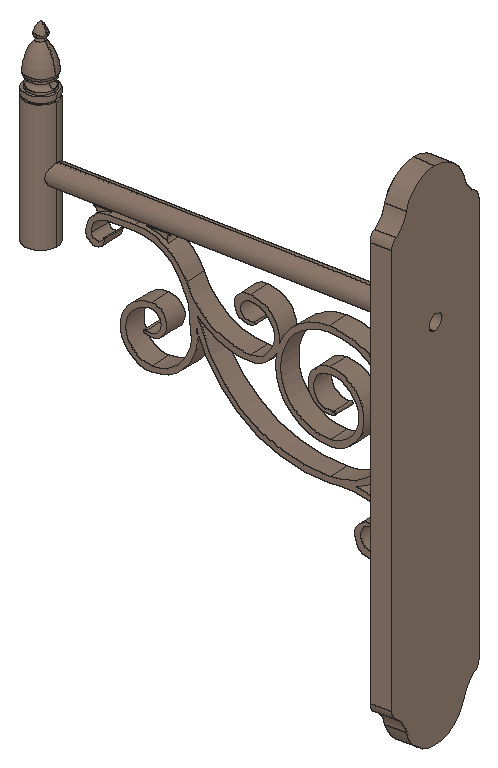
Revit family "WM532", category Generic Models, Revit 2014
Parameters
  WELDS = Bronze, Architectural
  SCROLL = Bronze, Architectural
  ARM = Bronze, Architectural
Reference planes (in)
  plane 1 "Center (Front/Back)": y = 0
  plane 2: z = 0
  plane 3 "Center (Left/Right)": x = 0
Forms (in)
  Revolve 1, solid, material "Bronze, Architectural" <- "ARM"
    sketch origin (0, 0, 0) x (1, 0, 0) y (0, 0, 1)
      loop
        arc (-18.52223, 37.51761) -> (-18.51122, 37.44031) -> (-18.44988, 37.39201) r 0.10496
        arc (-18.44988, 37.39201) -> (-18.38953, 37.30245) -> (-18.44988, 37.21289) r 0.09662
        arc (-18.44988, 37.21289) -> (-18.80335, 36.62099) -> (-18.9382, 35.94489) r 2.0288
        arc (-18.9382, 35.94489) -> (-18.9221, 35.88017) -> (-18.875, 35.83294) r 0.125
        line (-18.875, 35.83294) -> (-18.875, 35.72767) -> (-18.82794, 35.72767)
        arc (-18.82794, 35.72767) -> (-18.64044, 35.54017) -> (-18.82794, 35.35267) r 0.1875
        line (-18.82794, 35.35267) -> (-18.875, 35.35267) -> (-18.875, 35.26371) -> (-19, 35.26371) -> (-19, 35.01371) -> (-18.875, 35.01371) -> (-18.875, 34.90971) -> (-19, 34.90971) -> (-19, 28.90971) -> (-18.25, 28.90971) -> (-18.25, 38.01371)
        arc (-18.25, 38.01371) -> (-18.41883, 37.78361) -> (-18.52223, 37.51761) r 1.09115
      axis (-18.25, 28.90971) -> (-18.25, 38.01371)
    angle from 0 to 360
  Revolve 2, solid, material "Bronze, Architectural" <- "ARM"
    sketch origin (0, 0, 0) x (1, 0, 0) y (0, 0, 1)
      loop
        line (-1.25, 31.90971) -> (-1.25, 32.40971) -> (-17.69098, 32.40971) -> (-17.69098, 31.90971) -> (-1.25, 31.90971)
      axis (-1.25, 31.90971) -> (-17.69098, 31.90971)
    angle from 0 to 360
  Extrusion 3, solid, material "Bronze, Architectural" <- "ARM"
    sketch origin (-1.25, -7.30004, 0) x (0, 1, 0) y (0, 0, 1)
      loop
        arc (9.5502, 36.39455) -> (9.16286, 36.74474) -> (8.95305, 37.2229) r 1.24593
        arc (8.95305, 37.2229) -> (8.31751, 38.08228) -> (7.30004, 38.40971) r 1.74458
        arc (7.30004, 38.40971) -> (6.28258, 38.08228) -> (5.64703, 37.2229) r 1.74458
        arc (5.64703, 37.2229) -> (5.43722, 36.74474) -> (5.04989, 36.39455) r 1.24593
        arc (5.04989, 36.39455) -> (4.86699, 36.21155) -> (4.80004, 35.96163) r 0.5
        line (4.80004, 35.96163) -> (4.80004, 16.85779)
        arc (4.80004, 16.85779) -> (4.86699, 16.60787) -> (5.04989, 16.42487) r 0.5
        arc (5.04989, 16.42487) -> (5.43722, 16.07468) -> (5.64703, 15.59652) r 1.24593
        arc (5.64703, 15.59652) -> (6.28258, 14.73714) -> (7.30004, 14.40971) r 1.74458
        arc (7.30004, 14.40971) -> (8.31751, 14.73714) -> (8.95305, 15.59652) r 1.74458
        arc (8.95305, 15.59652) -> (9.16286, 16.07468) -> (9.5502, 16.42487) r 1.24593
        arc (9.5502, 16.42487) -> (9.7331, 16.60787) -> (9.80004, 16.85779) r 0.5
        line (9.80004, 16.85779) -> (9.80004, 35.96163)
        arc (9.80004, 35.96163) -> (9.7331, 36.21155) -> (9.5502, 36.39455) r 0.5
    from 0.25 to 1.25
  Extrusion 4, solid, material "Bronze, Architectural" <- "ARM"
    sketch origin (-1.25, -7.30004, 0) x (0, 1, 0) y (0, 0, 1)
      loop
        arc (8.59114, 37.1221) -> (8.09058, 37.78352) -> (7.30004, 38.03471) r 1.36958
        arc (7.30004, 38.03471) -> (6.50951, 37.78352) -> (6.00895, 37.1221) r 1.36958
        arc (6.00895, 37.1221) -> (5.7683, 36.5639) -> (5.33896, 36.1336) r 1.62093
        arc (5.33896, 36.1336) -> (5.21854, 35.99896) -> (5.17504, 35.82365) r 0.375
        line (5.17504, 35.82365) -> (5.17504, 16.99577)
        arc (5.17504, 16.99577) -> (5.21854, 16.82046) -> (5.33896, 16.68582) r 0.375
        arc (5.33896, 16.68582) -> (5.7683, 16.25552) -> (6.00895, 15.69732) r 1.62093
        arc (6.00895, 15.69732) -> (6.50951, 15.0359) -> (7.30004, 14.78471) r 1.36958
        arc (7.30004, 14.78471) -> (8.09058, 15.0359) -> (8.59114, 15.69732) r 1.36958
        arc (8.59114, 15.69732) -> (8.83179, 16.25552) -> (9.26113, 16.68582) r 1.62093
        arc (9.26113, 16.68582) -> (9.38154, 16.82046) -> (9.42504, 16.99577) r 0.375
        line (9.42504, 16.99577) -> (9.42504, 35.82365)
        arc (9.42504, 35.82365) -> (9.38154, 35.99896) -> (9.26113, 36.1336) r 0.375
        arc (9.26113, 36.1336) -> (8.83179, 36.5639) -> (8.59114, 37.1221) r 1.62093
    from 0 to 0.25
  Extrusion 5, solid, material "Bronze, Architectural" <- "SCROLL"
    sketch origin (0, 0, 0) x (1, 0, 0) y (0, 0, 1)
      loop
        arc (-2.5, 21.40971) -> (-1.29696, 22.32031) -> (-1.84671, 23.72541) r 1.25
        arc (-1.84671, 23.72541) -> (-2.53228, 24.02223) -> (-3.26794, 24.15229) r 3.2054
        arc (-3.26794, 24.15229) -> (-1.31122, 27.78756) -> (-4.5, 30.40971) r 3.25
        arc (-4.5, 30.40971) -> (-5.87912, 29.99156) -> (-6.7938, 28.87793) r 2.48334
        arc (-6.7938, 28.87793) -> (-7.1344, 29.94388) -> (-8.15594, 30.40069) r 1.37061
        arc (-8.15594, 30.40069) -> (-8.8676, 29.65025) -> (-7.90307, 29.277) r 0.62256
        arc (-7.90307, 29.277) -> (-7.89718, 29.32453) -> (-7.94386, 29.33524) r 0.03574
        arc (-7.94386, 29.33524) -> (-8.57689, 29.6045) -> (-8.15867, 30.15069) r 0.43531
        arc (-8.15867, 30.15069) -> (-7.03806, 29.03008) -> (-8.15867, 27.90947) r 1.12061
        arc (-8.15867, 27.90947) -> (-9.9289, 28.47242) -> (-11.11485, 29.90215) r 3.30101
        arc (-11.11485, 29.90215) -> (-12.06866, 31.03369) -> (-13.5, 31.40971) r 2.45043
        line (-13.5, 31.40971) -> (-14.75, 31.40971)
        arc (-14.75, 31.40971) -> (-15.45711, 31.11682) -> (-15.75, 30.40971) r 1
        arc (-15.75, 30.40971) -> (-15.34248, 29.91974) -> (-14.87585, 30.35378) r 0.43864
        arc (-14.87585, 30.35378) -> (-14.89505, 30.37901) -> (-14.92428, 30.36672) r 0.02589
        arc (-14.92428, 30.36672) -> (-15.23406, 30.15032) -> (-15.5, 30.41877) r 0.29331
        arc (-15.5, 30.41877) -> (-15.28299, 30.94269) -> (-14.75907, 31.15971) r 0.74093
        line (-14.75907, 31.15971) -> (-13.4936, 31.15971)
        arc (-13.4936, 31.15971) -> (-12.18319, 30.81019) -> (-11.32662, 29.75871) r 2.20043
        line (-11.32662, 29.75871) -> (-11.02411, 29.03821) -> (-10.89069, 27.94347)
        arc (-10.89069, 27.94347) -> (-11.33173, 26.48682) -> (-12.71792, 25.85845) r 1.84316
        arc (-12.71792, 25.85845) -> (-13.90213, 27.04267) -> (-12.71792, 28.22689) r 1.18422
        arc (-12.71792, 28.22689) -> (-12.29254, 27.56748) -> (-12.99992, 27.2278) r 0.52316
        arc (-12.99992, 27.2278) -> (-13.08484, 27.20774) -> (-13.05378, 27.12619) r 0.05801
        arc (-13.05378, 27.12619) -> (-12.022, 27.58673) -> (-12.71792, 28.47689) r 0.71711
        arc (-12.71792, 28.47689) -> (-14.15213, 27.04267) -> (-12.71792, 25.60845) r 1.43422
        arc (-12.71792, 25.60845) -> (-11.09493, 26.3848) -> (-10.64098, 28.1257) r 2.13566
        arc (-10.64098, 28.1257) -> (-8.27539, 24.99096) -> (-4.5, 23.90971) r 6.19173
        arc (-4.5, 23.90971) -> (-4.24759, 23.91953) -> (-3.9967, 23.94892) r 3.25
        arc (-3.9967, 23.94892) -> (-2.95692, 23.87703) -> (-1.97998, 23.51386) r 3.64551
        arc (-1.97998, 23.51386) -> (-1.53715, 22.38966) -> (-2.5, 21.65971) r 1
        arc (-2.5, 21.65971) -> (-3.02429, 22.35818) -> (-2.24583, 22.75408) r 0.5703
        arc (-2.24583, 22.75408) -> (-2.19749, 22.76658) -> (-2.21382, 22.81377) r 0.03398
        arc (-2.21382, 22.81377) -> (-3.30017, 22.304) -> (-2.5, 21.40971) r 0.74795
      loop
        arc (-4.28244, 26.77063) -> (-5.46168, 27.6033) -> (-4.5, 28.67993) r 0.96713
        arc (-4.5, 28.67993) -> (-2.88155, 27.06147) -> (-4.5, 25.44302) r 1.61845
        arc (-4.5, 25.44302) -> (-6.41713, 26.34788) -> (-6.93716, 28.40306) r 2.48334
        arc (-6.93716, 28.40306) -> (-7.44126, 27.86054) -> (-8.154, 27.65947) r 1.37061
        arc (-8.154, 27.65947) -> (-9.16753, 27.80936) -> (-10.07151, 28.29155) r 3.00015
        line (-10.07151, 28.29155) -> (-10.58157, 28.62997) -> (-10.41048, 28.22248)
        arc (-10.41048, 28.22248) -> (-8.13707, 25.19917) -> (-4.5, 24.15971) r 5.94383
        arc (-4.5, 24.15971) -> (-1.5, 27.15971) -> (-4.5, 30.15971) r 3
        arc (-4.5, 30.15971) -> (-6.73334, 27.92636) -> (-4.5, 25.69302) r 2.23334
        arc (-4.5, 25.69302) -> (-3.13155, 27.06147) -> (-4.5, 28.42993) r 1.36845
        arc (-4.5, 28.42993) -> (-5.21454, 27.58318) -> (-4.33413, 26.91057) r 0.76509
        arc (-4.33413, 26.91057) -> (-4.22888, 26.86992) -> (-4.28244, 26.77063) r 0.07519
    from -0.5 to 0.5
  Extrusion 6, solid, material "Bronze, Architectural" <- "WELDS"
    sketch origin (0, 0, 0) x (1, 0, 0) y (0, 0, 1)
      loop
        arc (-1.25, 28.58326) -> (-1.40365, 28.47339) -> (-1.56921, 28.56434) r 0.17736
        arc (-1.56921, 28.56434) -> (-1.36117, 28.00248) -> (-1.25981, 27.41199) r 3.25
        line (-1.25981, 27.41199) -> (-1.25, 27.36105) -> (-1.25, 28.58326)
      loop
        line (-1.25, 25.73615) -> (-1.25, 26.95837) -> (-1.25981, 26.90743)
        arc (-1.25981, 26.90743) -> (-1.36117, 26.31693) -> (-1.56921, 25.75508) r 3.25
        arc (-1.56921, 25.75508) -> (-1.40365, 25.84603) -> (-1.25, 25.73615) r 0.17736
      loop
        arc (-1.25, 23.44645) -> (-1.36183, 23.36383) -> (-1.49517, 23.40322) r 0.15603
        arc (-1.49517, 23.40322) -> (-1.31287, 23.05115) -> (-1.25, 22.65971) r 1.25
        line (-1.25, 22.65971) -> (-1.25, 23.44645)
      loop
        line (-1.25, 21.87296) -> (-1.25, 22.65971)
        arc (-1.25, 22.65971) -> (-1.31287, 22.26826) -> (-1.49517, 21.91619) r 1.25
        arc (-1.49517, 21.91619) -> (-1.36183, 21.95559) -> (-1.25, 21.87296) r 0.15603
      loop
        arc (-12.01916, 31.40971) -> (-12.5714, 31.40827) -> (-13.12358, 31.39952) r 41.70274
        arc (-13.12358, 31.39952) -> (-12.60692, 31.28831) -> (-12.12613, 31.06891) r 2.45043
        arc (-12.12613, 31.06891) -> (-12.18328, 31.27404) -> (-12.01916, 31.40971) r 0.19551
      loop
        arc (-15.61873, 31.40936) -> (-15.46728, 31.31085) -> (-15.44156, 31.13203) r 0.21878
        arc (-15.44156, 31.13203) -> (-15.13483, 31.3327) -> (-14.7764, 31.40936) r 1
        line (-14.7764, 31.40936) -> (-15.61873, 31.40936)
    from -0.25 to 0.25
  Revolve 7, void
    sketch origin (0, 0, 0) x (1, 0, 0) y (0, 0, 1)
      loop
        line (-18.75, 28.90971) -> (-18.25, 28.90971) -> (-18.25, 34.81173) -> (-18.75, 34.81173) -> (-18.75, 28.90971)
      axis (-18.25, 28.90971) -> (-18.25, 34.81173)
    angle from 0 to 360
  Revolve 8, void
    sketch origin (0, 0, 0) x (1, 0, 0) y (0, 0, 1)
      loop
        line (-18.38911, 31.90971) -> (0, 31.90971) -> (0, 32.28471) -> (-18.38911, 32.28471) -> (-18.38911, 31.90971)
      axis (-18.38911, 31.90971) -> (0, 31.90971)
    angle from 0 to 360
Cuts and joins
  Revolve 7, Revolve 8 cuts Revolve 1
  Revolve 8 cuts Revolve 2
  Revolve 8 cuts Extrusion 3
  Revolve 8 cuts Extrusion 4
Dimensions and locks (in)
  aligned and locked: plane 2 to level
